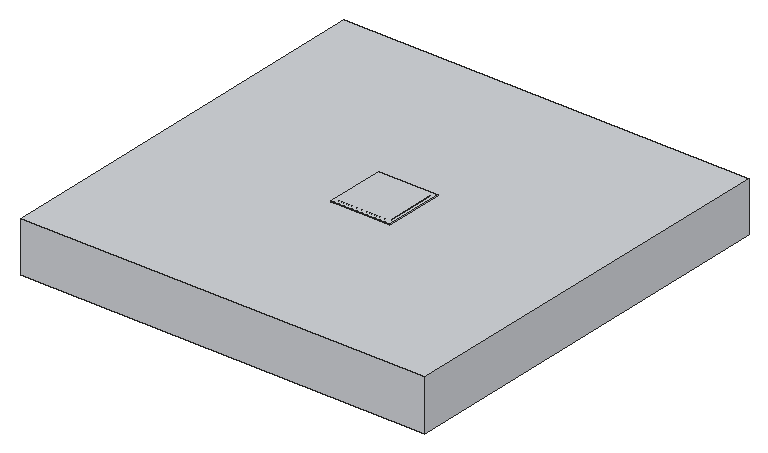
Revit family "Difusor de suprimento e retorno com Plenum combinado e Abafadores - Hospedado", category Terminais de ar, Revit 2019
Family settings
  Hospedeiro = Face
  Cota do conector redondo = Usar raio
  Tipo de parte = Normal
  Corte com vazios quando carregada = Não
  Compartilhado = Não
  Ponto de cálculo do ambiente = Não
Parameters (values of type "Padrão")
  UpFlowArrow [instance] = yes
  Altura total = 318 mm
  Comprimento do macho de torneira = 25 mm
  Altura de conexão da torneira = 200 mm
  RightFlowArrow [instance] = yes
  Queda de pressão [instance] = 0.0 Pa
  Largura da lâmina 4 = Largura da grelha * 4 / 5  # 284.8 mm
  Largura da lâmina 3 = Largura da grelha * 3 / 5  # 213.6 mm
  Largura da lâmina 2 = Largura da grelha * 2 / 5  # 142.4 mm
  Largura da lâmina 1 = Largura da grelha * 1 / 5  # 71.2 mm
  LeftFlowArrow [instance] = yes
  Largura da grelha = 356 mm
  Fluxo [instance] = 0.0 L/s
  Raio do duto = 75 mm
  Diâmetro do duto = Raio do duto * 2  # 150 mm
  DownFlowArrow [instance] = yes
  Largura do plenum = 249 mm
  Largura do difusor = Largura do plenum + 55 mm  # 304 mm
  Material do difusor = none
  Altura do difusor = 40 mm
  Elevação-padrão = 1200 mm
Reference planes
  plane 1 "Centro (frente/trás)": y = 0
  plane 2: z = 0
  plane 3 "Centro (direita/esquerda)": x = 0
  plane 4 "Direita superior do difusor": x = 124.5
  plane 5 "Esquerda superior do difusor": x = -124.5
  plane 6 "Traseira superior do difusor": y = 124.5
  plane 7 "Frente superior do difusor": y = -124.5
  plane 8 "Direita": x = 152
  plane 9 "Esquerda": x = -152
  plane 10 "Parte posterior": y = 152
  plane 11 "Parte frontal": y = -152
  plane 12 "Superior": z = 0
  plane 13 "Traseira da grelha": y = 178
  plane 14 "Frente da grelha": y = -178
  plane 15 "Direita da grelha": x = 178
  plane 16 "Esquerda da grelha": x = -178
  plane 17 "Parte inferior do difusor": z = -35
  plane 18 "Face da grelha": z = 5
  plane 19 "Traseira a lâmina 1": y = 35.6
  plane 20 "Frente da lâmina 1": y = -35.6
  plane 21 "Esquerda da lâmina 1": x = -35.6
  plane 22 "Direita da lâmina 1": x = 35.6
  plane 23 "Esquerda da lâmina 2": x = -71.2
  plane 24 "Direita da lâmina 2": x = 71.2
  plane 25 "Traseira da lâmina 2": y = 71.2
  plane 26 "Frente da lâmina 2": y = -71.2
  plane 27 "Esquerda da lâmina 3": x = -106.8
  plane 28 "Direita da lâmina 3": x = 106.8
  plane 29 "Traseira da lâmina 3": y = 106.8
  plane 30 "Frente da lâmina 3": y = -106.8
  plane 31 "Traseira da lâmina 4": y = 142.4
  plane 32 "Frente da lâmina 4": y = -142.4
  plane 33: x = -142.4
  plane 34: x = 142.4
  plane 35 "Inferior": z = -313
  plane 36 "Torneira direita": x = 149.5
  plane 37 "Torneira esquerda": x = -149.5
  plane 38 "Altura de conexão da torneira": z = -195
Forms (mm)
  Extrusion 1, solid
    sketch origin (0, 0, 0) x (1, 0, 0) y (0, 1, 0)
      loop
        line (-1218, 1219.2) -> (-1218, -1219.2) -> (1218, -1219.2) -> (1218, 1219.2) -> (-1218, 1219.2)
    from 0 to -304.8
  Extrusion 2, solid, material <- "Material do difusor"
    sketch origin (0, 0, 5) x (-1, 0, 0) y (0, -1, 0)
      loop
        line (178, -178) -> (178, 178) -> (-178, 178) -> (-178, -178) -> (178, -178)
    from 0 to -5
  Blend 3, solid, material <- "Material do difusor"
    base sketch origin (0, 0, 0) x (-1, 0, 0) y (0, -1, 0)
      loop
        line (152, -152) -> (152, 152) -> (-152, 152) -> (-152, -152) -> (152, -152)
    top sketch origin (0, 0, 0) x (-1, 0, 0) y (0, -1, 0)
      loop
        line (124.5, -124.5) -> (124.5, 124.5) -> (-124.5, 124.5) -> (-124.5, -124.5) -> (124.5, -124.5)
    from 0 to -35
  Extrusion 4, solid, material <- "Material do difusor"
    sketch origin (0, 0, -35) x (-1, 0, 0) y (0, -1, 0)
      loop
        line (124.5, -124.5) -> (124.5, 124.5) -> (-124.5, 124.5) -> (-124.5, -124.5) -> (124.5, -124.5)
    from 0 to -278
  Extrusion 5, solid, material <- "Material do difusor"
    sketch origin (0, 0, 0) x (0, 1, 0) y (0, 0, 1)
      loop
        circle (0, -195) r 75
    from 124.5 to 149.5
  Extrusion 6, solid, material <- "Material do difusor"
    sketch origin (0, 0, 0) x (0, 1, 0) y (0, 0, -1)
      loop
        circle (0, 195) r 75
    from 124.5 to 149.5
Lines and regions (mm)
  symbolic lines
    curve 1: line (-152, 152, 0) -> (152, -152, 0)
    curve 2: line (152, 152, 0) -> (-152, -152, 0)
    curve 3: line (-152, 152, 0) -> (152, 152, 0)
    curve 4: line (-152, -152, 0) -> (-152, 152, 0)
    curve 5: line (152, -152, 0) -> (-152, -152, 0)
    curve 6: line (152, 152, 0) -> (152, -152, 0)
  model lines
    curve 7: line (-35.6, 35.6, 5) -> (35.6, 35.6, 5)
    curve 8: line (-35.6, -35.6, 5) -> (-35.6, 35.6, 5)
    curve 9: line (35.6, -35.6, 5) -> (-35.6, -35.6, 5)
    curve 10: line (35.6, 35.6, 5) -> (35.6, -35.6, 5)
    curve 11: line (-71.2, 71.2, 5) -> (71.2, 71.2, 5)
    curve 12: line (-71.2, -71.2, 5) -> (-71.2, 71.2, 5)
    curve 13: line (71.2, -71.2, 5) -> (-71.2, -71.2, 5)
    curve 14: line (71.2, 71.2, 5) -> (71.2, -71.2, 5)
    curve 15: line (-106.8, 106.8, 5) -> (106.8, 106.8, 5)
    curve 16: line (-106.8, -106.8, 5) -> (-106.8, 106.8, 5)
    curve 17: line (106.8, -106.8, 5) -> (-106.8, -106.8, 5)
    curve 18: line (106.8, 106.8, 5) -> (106.8, -106.8, 5)
    curve 19: line (-142.4, 142.4, 5) -> (142.4, 142.4, 5)
    curve 20: line (-142.4, -142.4, 5) -> (-142.4, 142.4, 5)
    curve 21: line (142.4, -142.4, 5) -> (-142.4, -142.4, 5)
    curve 22: line (142.4, 142.4, 5) -> (142.4, -142.4, 5)
Dimensions and locks
  equal spacing: plane 9 "Esquerda", plane 3 "Centro (direita/esquerda)", plane 8 "Direita"
  "Largura do difusor": plane 9 "Esquerda" to plane 8 "Direita"
  equal spacing: plane 11 "Parte frontal", plane 1 "Centro (frente/trás)", plane 10 "Parte posterior"
  "Largura do difusor": plane 11 "Parte frontal" to plane 10 "Parte posterior"
  "Largura do difusor": nested 1 to plane 3 "Centro (direita/esquerda)"
  "Largura do difusor": plane 3 "Centro (direita/esquerda)" to nested 2
  "Largura do difusor": nested 4 to plane 1 "Centro (frente/trás)"
  "Largura do difusor": nested 3 to plane 1 "Centro (frente/trás)"
  equal spacing: plane 5 "Esquerda superior do difusor", plane 3 "Centro (direita/esquerda)", plane 4 "Direita superior do difusor"
  "Largura do plenum": plane 5 "Esquerda superior do difusor" to plane 4 "Direita superior do difusor"
  equal spacing: plane 7 "Frente superior do difusor", plane 1 "Centro (frente/trás)", plane 6 "Traseira superior do difusor"
  "Largura do plenum": plane 7 "Frente superior do difusor" to plane 6 "Traseira superior do difusor"
  equal spacing: plane 14 "Frente da grelha", plane 1 "Centro (frente/trás)", plane 13 "Traseira da grelha"
  "Largura da grelha": plane 14 "Frente da grelha" to plane 13 "Traseira da grelha"
  equal spacing: plane 16 "Esquerda da grelha", plane 3 "Centro (direita/esquerda)", plane 15 "Direita da grelha"
  "Largura da grelha": plane 16 "Esquerda da grelha" to plane 15 "Direita da grelha"
  "Altura do difusor": plane 18 "Face da grelha" to plane 17 "Parte inferior do difusor"
  locked: plane 18 "Face da grelha" to plane 12 "Superior" at 5
  equal spacing: plane 21 "Esquerda da lâmina 1", plane 3 "Centro (direita/esquerda)", plane 22 "Direita da lâmina 1"
  "Largura da lâmina 1": plane 21 "Esquerda da lâmina 1" to plane 22 "Direita da lâmina 1"
  equal spacing: plane 20 "Frente da lâmina 1", plane 1 "Centro (frente/trás)", plane 19 "Traseira a lâmina 1"
  "Largura da lâmina 1": plane 19 "Traseira a lâmina 1" to plane 20 "Frente da lâmina 1"
  "Largura da lâmina 2": plane 23 "Esquerda da lâmina 2" to plane 24 "Direita da lâmina 2"
  equal spacing: plane 23 "Esquerda da lâmina 2", plane 3 "Centro (direita/esquerda)", plane 24 "Direita da lâmina 2"
  "Largura da lâmina 2": plane 25 "Traseira da lâmina 2" to plane 26 "Frente da lâmina 2"
  equal spacing: plane 25 "Traseira da lâmina 2", plane 1 "Centro (frente/trás)", plane 26 "Frente da lâmina 2"
  "Largura da lâmina 3": plane 27 "Esquerda da lâmina 3" to plane 28 "Direita da lâmina 3"
  equal spacing: plane 27 "Esquerda da lâmina 3", plane 3 "Centro (direita/esquerda)", plane 28 "Direita da lâmina 3"
  equal spacing: plane 29 "Traseira da lâmina 3", plane 1 "Centro (frente/trás)", plane 30 "Frente da lâmina 3"
  "Largura da lâmina 3": plane 29 "Traseira da lâmina 3" to plane 30 "Frente da lâmina 3"
  equal spacing: plane 31 "Traseira da lâmina 4", plane 1 "Centro (frente/trás)", plane 32 "Frente da lâmina 4"
  "Largura da lâmina 4": plane 31 "Traseira da lâmina 4" to plane 32 "Frente da lâmina 4"
  equal spacing: plane 33, plane 3 "Centro (direita/esquerda)", plane 34
  "Largura da lâmina 4": plane 33 to plane 34
  "Altura total": plane 18 "Face da grelha" to plane 35 "Inferior"
  "Comprimento do macho de torneira": plane 36 "Torneira direita" to plane 4 "Direita superior do difusor"
  "Comprimento do macho de torneira": plane 5 "Esquerda superior do difusor" to plane 37 "Torneira esquerda"
  "Altura de conexão da torneira": plane 18 "Face da grelha" to plane 38 "Altura de conexão da torneira"
  "Raio do duto": radius of Extrusion 5 sketch curve
  "Raio do duto": radius of Extrusion 6 sketch curve
  aligned and locked: plane 2 to Extrusion 1
  aligned and locked: level to Extrusion 1
  aligned and locked: plane 11 "Parte frontal" to curve 2
  aligned and locked: plane 9 "Esquerda" to curve 2
  aligned and locked: plane 10 "Parte posterior" to curve 1
  aligned and locked: plane 9 "Esquerda" to curve 1
  aligned and locked: plane 8 "Direita" to curve 2
  aligned and locked: plane 10 "Parte posterior" to curve 2
  aligned and locked: plane 11 "Parte frontal" to curve 1
  aligned and locked: plane 8 "Direita" to curve 1
  aligned and locked: nested 1 to plane 1 "Centro (frente/trás)"
  aligned and locked: plane 1 "Centro (frente/trás)" to nested 2
  aligned and locked: nested 3 to plane 3 "Centro (direita/esquerda)"
  aligned and locked: plane 3 "Centro (direita/esquerda)" to nested 4
  aligned and locked: plane 2 to plane 12 "Superior"
  aligned and locked: Extrusion 2 sketch curve to plane 16 "Esquerda da grelha"
  aligned and locked: plane 14 "Frente da grelha" to Extrusion 2 sketch curve
  aligned and locked: Extrusion 2 sketch curve to plane 15 "Direita da grelha"
  aligned and locked: plane 13 "Traseira da grelha" to Extrusion 2 sketch curve
  aligned and locked: Extrusion 2 to plane 18 "Face da grelha"
  aligned and locked: Extrusion 2 to plane 12 "Superior"
  aligned and locked: Blend 3 sketch curve to plane 9 "Esquerda"
  aligned and locked: plane 10 "Parte posterior" to Blend 3 sketch curve
  aligned and locked: Blend 3 sketch curve to plane 8 "Direita"
  aligned and locked: plane 11 "Parte frontal" to Blend 3 sketch curve
  aligned and locked: plane 6 "Traseira superior do difusor" to Blend 3 sketch curve
  aligned and locked: Blend 3 sketch curve to plane 5 "Esquerda superior do difusor"
  aligned and locked: plane 7 "Frente superior do difusor" to Blend 3 sketch curve
  aligned and locked: Blend 3 sketch curve to plane 4 "Direita superior do difusor"
  aligned and locked: Blend 3 to plane 12 "Superior"
  aligned and locked: Blend 3 to plane 17 "Parte inferior do difusor"
  aligned and locked: curve 9 to plane 20 "Frente da lâmina 1"
  aligned and locked: plane 19 "Traseira a lâmina 1" to curve 7
  aligned and locked: curve 8 to plane 21 "Esquerda da lâmina 1"
  aligned and locked: plane 22 "Direita da lâmina 1" to curve 10
  aligned and locked: curve 13 to plane 26 "Frente da lâmina 2"
  aligned and locked: plane 25 "Traseira da lâmina 2" to curve 11
  aligned and locked: curve 12 to plane 23 "Esquerda da lâmina 2"
  aligned and locked: plane 24 "Direita da lâmina 2" to curve 14
  aligned and locked: curve 17 to plane 30 "Frente da lâmina 3"
  aligned and locked: plane 29 "Traseira da lâmina 3" to curve 15
  aligned and locked: curve 16 to plane 27 "Esquerda da lâmina 3"
  aligned and locked: plane 28 "Direita da lâmina 3" to curve 18
  aligned and locked: curve 21 to plane 32 "Frente da lâmina 4"
  aligned and locked: plane 33 to curve 20
  aligned and locked: curve 22 to plane 34
  aligned and locked: plane 31 "Traseira da lâmina 4" to curve 19
  aligned and locked: Extrusion 4 sketch curve to plane 5 "Esquerda superior do difusor"
  aligned and locked: plane 6 "Traseira superior do difusor" to Extrusion 4 sketch curve
  aligned and locked: Extrusion 4 sketch curve to plane 4 "Direita superior do difusor"
  aligned and locked: plane 7 "Frente superior do difusor" to Extrusion 4 sketch curve
  aligned and locked: Extrusion 4 to plane 17 "Parte inferior do difusor"
  aligned and locked: Extrusion 4 to plane 35 "Inferior"
  aligned and locked: plane 38 "Altura de conexão da torneira" to Extrusion 5 sketch curve
  aligned and locked: plane 1 "Centro (frente/trás)" to Extrusion 5 sketch curve
  aligned and locked: Extrusion 5 to plane 4 "Direita superior do difusor"
  aligned and locked: Extrusion 5 to plane 36 "Torneira direita"
  aligned and locked: Extrusion 6 to plane 5 "Esquerda superior do difusor"
  aligned and locked: Extrusion 6 to plane 37 "Torneira esquerda"
Automatic sketch dimensions
  Extrusion 1 sketch curve to Extrusion 1 sketch curve = 2436 mm
  Extrusion 1 sketch curve to Extrusion 1 sketch curve = 2438.4 mm
  Extrusion 6 sketch curve to plane 1 "Centro (frente/trás)" = 0 mm
  Extrusion 6 sketch curve to plane 38 "Altura de conexão da torneira" = 0 mm
Nested families
  nested 1: "Seta do terminal do duto" at (-304, 0, 0) x (-1, 0, 0) z (0, 0, 1), visible <- "LeftFlowArrow", type "Seta do terminal do duto"
  nested 2: "Seta do terminal do duto" at (304, 0, 0), visible <- "RightFlowArrow", type "Seta do terminal do duto"
  nested 3: "Seta do terminal do duto" at (0, -304, 0) x (0, 1, 0) z (0, 0, 1), visible <- "UpFlowArrow", type "Seta do terminal de duto 2"
  nested 4: "Seta do terminal do duto" at (0, 304, 0) x (0, -1, 0) z (0, 0, 1), visible <- "DownFlowArrow", type "Seta do terminal de duto 2"
Connectors
  hvac at (149.5, 0, -195), driven by "Queda de pressão", driven by "Fluxo", driven by "Raio do duto"
    settings: on Extrusion 5, index 1, duct flow 0.0 L/s, flow factor 0, pres drop 0.0 Pa, loss coef 0, conn angle 0.00°, conn width 304.8 mm, conn height 304.8 mm, conn diameter 150 mm, duct sys type 2, conn prof type 0, flow config 1, flow direction 2, loss method 4, conn ref index -1, conn util no, is conn primary yes, conn desc "Saída de ar"
  hvac at (-149.5, 0, -195), driven by "Queda de pressão", driven by "Fluxo", driven by "Raio do duto"
    settings: on Extrusion 6, index 2, duct flow 0.0 L/s, flow factor 0, pres drop 0.0 Pa, loss coef 0, conn angle 0.00°, conn width 304.8 mm, conn height 304.8 mm, conn diameter 150 mm, duct sys type 1, conn prof type 0, flow config 1, flow direction 1, loss method 4, conn ref index -1, conn util no, is conn primary no, conn desc "Entrada de ar"
Definition of nested family "Seta do terminal do duto"
  Parameters
    Largura = 600 mm
    Visibilidade 1 = yes
    Visibilidade 2 = no
    Comprimento 4 = (Meio comprimento 1 - Comprimento 5 * sin(20.00°) * 4) / 2  # 70.515 mm
    Comprimento 5 = Comprimento 2 * tan(20.00°)  # 116.199 mm
    Comprimento 3 = Comprimento 2 * 0.5  # 159.627 mm
    Comprimento 2 = Meio comprimento 1 / cos(20.00°)  # 319.253 mm
    Comprimento 1 = if(Altura > Largura, Altura, Largura)  # 600 mm
    Altura = 600 mm
    Meio comprimento 1 = Comprimento 1 * 0.5  # 300 mm
    Assembly Code = ""
  Reference planes
    plane 1 "Centro (Frente/Trás)": y = 0
    plane 2: z = 0
    plane 3 "Centro (Esquerda/Direita)": x = 0
  Lines and regions (mm)
    Filled region 1, type "Tijolo", in view "Nível de referência", visible <- "Visibilidade 1"
      outline origin (0, 0, 0) x (1, 0, 0) y (0, 1, 0)
        loop
          line (600, 0) -> (300, 109.191) -> (300, -109.191) -> (600, 0)
    Filled region 2, type "Preenchimento sólido - Preto", in view "Nível de referência", visible <- "Visibilidade 2"
      outline origin (0, 0, 0) x (1, 0, 0) y (0, 1, 0)
        loop
          line (-300, 109.191) -> (-300, -109.191) -> (0, 0) -> (-300, 109.191)
    detail lines, in view "Nível de referência", visible <- "Visibilidade 1"
      curve 1: line (0, 0, 0) -> (600, 0, 0)
      curve 2: line (600, 0, 0) -> (300, 109.191, 0)
      curve 3: line (600, 0, 0) -> (300, -109.191, 0)
      curve 4: line (300, 109.191, 0) -> (300, -109.191, 0)
    detail lines, in view "Nível de referência", visible <- "Visibilidade 2"
      curve 5: line (-300, 0, 0) -> (0, 0, 0)
      curve 6: line (0, 0, 0) -> (-300, 109.191, 0)
      curve 7: line (0, 0, 0) -> (-300, -109.191, 0)
      curve 8: line (-300, 109.191, 0) -> (-300, -109.191, 0)
      curve 9: line (-300, 0, 0) -> (-370.515, 0, 0)
      curve 10: line (-370.515, 0, 0) -> (-410.258, 109.191, 0)
      curve 11: line (-450, 0, 0) -> (-410.258, 109.191, 0)
      curve 12: line (-450, 0, 0) -> (-489.742, -109.191, 0)
      curve 13: line (-529.485, 0, 0) -> (-489.742, -109.191, 0)
      curve 14: line (-529.485, 0, 0) -> (-600, 0, 0)
  Dimensions and locks
    "Comprimento 1": curve 1 to curve 1
    "Comprimento 2": curve 2 to curve 2
    "Comprimento 2": curve 3 to curve 3
    "Meio comprimento 1": curve 5 to curve 5
    "Comprimento 2": curve 6 to curve 6
    "Comprimento 2": curve 7 to curve 7
    "Comprimento 4": curve 9 to curve 9
    "Comprimento 5": curve 10 to curve 10
    "Comprimento 5": curve 11 to curve 11
    "Comprimento 5": curve 12 to curve 12
    "Comprimento 5": curve 13 to curve 13
    "Comprimento 4": curve 14 to curve 14
    locked: curve 2 to curve 1 (angle 20.00°)
    locked: curve 6 to curve 5 (angle 20.00°)
    locked: curve 9 to curve 10 (angle 110.00°)
    locked: curve 11 to curve 12 (angle 180.00°)
    aligned and locked: plane 1 "Centro (Frente/Trás)" to curve 1
    aligned and locked: Filled region 1 sketch curve to curve 2
    aligned and locked: Filled region 1 sketch curve to curve 3
    aligned and locked: Filled region 1 sketch curve to curve 4
    aligned and locked: plane 1 "Centro (Frente/Trás)" to curve 5
    aligned and locked: plane 3 "Centro (Esquerda/Direita)" to curve 5
    aligned and locked: Filled region 2 sketch curve to curve 8
    aligned and locked: Filled region 2 sketch curve to curve 6
    aligned and locked: Filled region 2 sketch curve to curve 7
    aligned and locked: curve 14 to plane 1 "Centro (Frente/Trás)"
  Automatic sketch dimensions
    plane 1 "Centro (Frente/Trás)" to curve 12 = 0 mm
Types in the file's own list only (6): name | Altura total | Altura de conexão da torneira | Largura da lâmina 4 | Largura da lâmina 3 | Largura da lâmina 2 | Largura da lâmina 1 | Largura da grelha | Raio do duto | Diâmetro do duto | Largura do plenum | Largura do difusor
  356 x 356 | 318 mm | 231 mm | 285 mm | 214 mm | 142 mm | 71 mm | 356 mm | 63 mm | 125 mm | 304 mm | 359 mm
  412 x 412 | 428 mm | 328 mm | 330 mm | 247 mm | 165 mm | 82 mm | 412 mm | 75 mm | 150 mm | 360 mm | 415 mm
  468 x 468 | 428 mm | 303 mm | 374 mm | 281 mm | 187 mm | 94 mm | 468 mm | 100 mm | 200 mm | 416 mm | 471 mm
  498 x 498 | 450 mm | 325 mm | 398 mm | 299 mm | 199 mm | 100 mm | 498 mm | 100 mm | 200 mm | 446 mm | 501 mm
  598 x 598 | 550 mm | 375 mm | 478 mm | 359 mm | 239 mm | 120 mm | 598 mm | 150 mm | 300 mm | 546 mm | 601 mm
  623 x 623 | 550 mm | 375 mm | 498 mm | 374 mm | 249 mm | 125 mm | 623 mm | 150 mm | 300 mm | 571 mm | 626 mm
